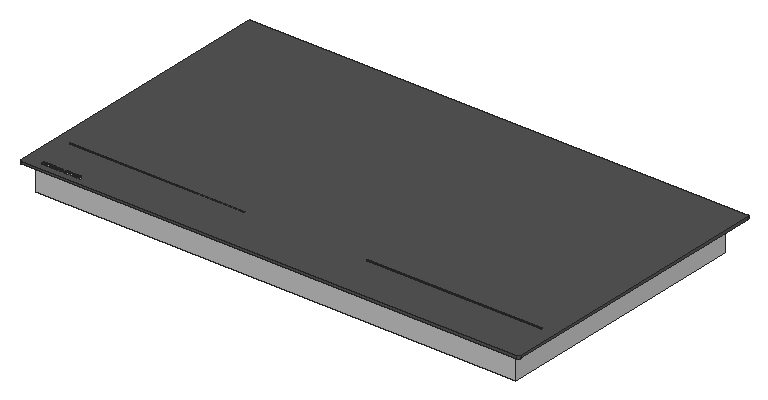
Revit family "FP_Revit_18_CI926DTB4_Cooktop_90001220A", category Specialty Equipment, Revit 2018
Family settings
  Round Connector Dimension = Use Diameter
  Part Type = Normal
  OmniClass Number = 23.40.40.14.17.11
  OmniClass Title = Cookers, Ovens, Stoves
  Work Plane-Based = No
  Always vertical = Yes
  Cut with Voids When Loaded = Yes
  Shared = No
  Room Calculation Point = No
Parameters
  Visibility - Clearance Required = yes
  URL = "www.fisherpaykel.com"
  Product - Width = 920 mm  # constant formula
  Product - Height = 85 mm  # constant formula
  Product - Depth = 530 mm  # constant formula
  Model = "CI926DTB4"
  Material - Graphics = Fisher & Paykel - Graphics Grey
  Material - Cooktop = Fisher & Paykel - Glass, Black
  Material - Body = Fisher & Paykel - Grey
  Manufacturer = "Fisher & Paykel Appliances"
  FFL Offset [instance] = 900 mm
  Description = "90cm Induction Cooktop"
  Connector Note - Electrical = "220-240 V, 48 A, or 380-415 V, 3 x 16 A, 50Hz"
  Clearance - Side Combustible = 30 mm  # constant formula
  Clearance - Rear Combustible = 45 mm  # constant formula
  Clearance - Overhead Rangehood = 650 mm  # constant formula
  Clearance - Below = 65 mm  # constant formula
  Chassis - Width = 884 mm  # constant formula
  Chassis - Height = 48 mm  # constant formula
  Chassis - Depth = 479 mm  # constant formula
  Cavity - Width = 890 mm  # constant formula
  Cavity - Height = 65 mm  # constant formula
  Cavity - Depth = 485 mm  # constant formula
Reference planes
  plane 1 "Datum": y = 0
  plane 2: z = 0
  plane 3 "Center (Left/Right)": x = 0
  plane 4 "Product LHS": x = -460
  plane 5 "Product RHS": x = 460
  plane 6 "Product - Depth": y = 530
  plane 7 "Cavity LHS": x = -445
  plane 8 "Cavity RHS": x = 445
  plane 9 "Cavity - Depth": y = 498
  plane 10 "Chassis Front": y = 16
  plane 11 "Chassis - Depth": y = 495
  plane 12 "Cavity - Front": y = 13
  plane 13 "Basepan": z = 853
  plane 14 "Benchtop": z = 900
  plane 15 "Glass": z = 905
Forms (mm)
  Extrusion 1, solid, material "Fisher & Paykel - Clearance Required (Cutout)", visible <- "Visibility - Clearance Required", detail levels coarse
    sketch origin (0, 24.768, 0) x (1, 0, 0) y (0, 1, 0)
      loop
        line (-445, 473.232) -> (-445, -11.768) -> (445, -11.768) -> (445, 473.232) -> (-445, 473.232)
    from 835 to 900
  Extrusion 2, solid, material "Fisher & Paykel - Clearance Required (Non-Combustible)", detail levels coarse
    sketch origin (0, 0, 0) x (1, 0, 0) y (0, 1, 0)
      loop
        line (-460, 0) -> (460, 0) -> (460, 530) -> (-460, 530) -> (-460, 0)
    from 905 to 1555
  Extrusion 3, solid, material "Fisher & Paykel - Grey" <- "Material - Body"
    sketch origin (0, 0, 0) x (0, 1, 0) y (0, 0, 1)
      loop
        line (495, 853) -> (495, 900) -> (16, 900) -> (16, 853) -> (495, 853)
    from -442 to 442
  Extrusion 4, solid, material "Fisher & Paykel - Graphics Grey" <- "Material - Graphics", detail levels fine
    sketch origin (0, 0, 0) x (1, 0, 0) y (0, 1, 0)
      loop
        line (-434.006, 85.225) -> (-434.006, 84.224) -> (-113.308, 84.224) -> (-113.308, 85.225) -> (-434.006, 85.225)
      loop
        line (434.006, 85.225) -> (113.308, 85.225) -> (113.308, 84.224) -> (434.006, 84.224) -> (434.006, 85.225)
    from 905 to 906
  Extrusion 5, void
    sketch origin (0, 0, 0) x (1, 0, 0) y (0, 1, 0)
      loop
        line (182, 470) -> (182, 423) -> (316.933, 423) -> (316.933, 440) -> (363, 440) -> (363, 485) -> (327, 485) -> (327, 470) -> (182, 470)
    from 853 to 873.966
  Extrusion 6, solid, material "Fisher & Paykel - Grey" <- "Material - Body", detail levels fine
    sketch origin (0, 0, 0) x (1, 0, 0) y (0, 1, 0)
      loop
        circle (194.5, 433) r 9.984
      loop
        circle (216.5, 433) r 9.995
      loop
        circle (238.5, 433) r 10.043
      loop
        circle (260.5, 433) r 9.995
      loop
        circle (282.5, 433) r 9.995
      loop
        circle (304.5, 433) r 9.995
    from 855.999 to 873.966
  Sweep 7, solid, material "Fisher & Paykel - Grey" <- "Material - Body"
    path origin (345, 0, 0) x (0, 1, 0) y (0, 0, 1)
      loop
        arc (457.5, 873.999) -> (463.176, 849.507) -> (483.242, 834.36) r 36.837
    profile origin (345, 463.176, 849.507) x (0, 0.838671, 0.544639) y (1, 0, 0)
      loop
        circle (0, 0) r 15
  Extrusion 8, solid, material "Fisher & Paykel - Glass, Black" <- "Material - Cooktop"
    sketch origin (0, 0, 0) x (1, 0, 0) y (0, 1, 0)
      loop
        arc (-455.5, 530) -> (-458.682, 528.682) -> (-460, 525.5) r 4.5
        line (-460, 525.5) -> (-460, 4.5)
        arc (-460, 4.5) -> (-458.682, 1.318) -> (-455.5, 0) r 4.5
        line (-455.5, 0) -> (455.5, 0)
        arc (455.5, 0) -> (458.682, 1.318) -> (460, 4.5) r 4.5
        line (460, 4.5) -> (460, 525.5)
        arc (460, 525.5) -> (458.682, 528.682) -> (455.5, 530) r 4.5
        line (455.5, 530) -> (-455.5, 530)
    from 901 to 905
  Extrusion 9, solid, material "Fisher & Paykel - Clearance Required (Combustible)", visible <- "Visibility - Clearance Required", detail levels coarse
    sketch origin (0, 0, 0) x (1, 0, 0) y (0, 1, 0)
      loop
        line (-460, 0) -> (-460, 530) -> (460, 530) -> (460, 0) -> (475, 0) -> (475, 543) -> (-475, 543) -> (-475, 0) -> (-460, 0)
    from 905 to 1355
  Extrusion 10, void
    sketch origin (0, 24.768, 0) x (1, 0, 0) y (0, 1, 0)
      loop
        line (-445, 473.232) -> (-445, -11.768) -> (445, -11.768) -> (445, 473.232) -> (-445, 473.232)
    from 835 to 900
Cuts and joins
  Extrusion 5 cuts Extrusion 3
Lines and regions (mm)
  model lines, style "Fisher & Paykel"
    curve 1: line (-75.915, 135.174, 905) -> (73.908, 135.174, 905)
    curve 2: line (-75.915, 46.483, 905) -> (-75.915, 135.174, 905)
    curve 3: line (73.908, 46.483, 905) -> (-75.915, 46.483, 905)
    curve 4: line (73.908, 135.174, 905) -> (73.908, 46.483, 905)
  model lines, style "Fisher & Paykel", not visible
    curve 5: line (-75.915, -64.826, 1905) -> (73.908, -64.826, 1905)
    curve 6: line (-75.915, -153.517, 1905) -> (-75.915, -64.826, 1905)
    curve 7: line (73.908, -153.517, 1905) -> (-75.915, -153.517, 1905)
    curve 8: line (73.908, -64.826, 1905) -> (73.908, -153.517, 1905)
Text (mm)
  text "Due to ongoing product development, product details are subject to change without notice. \nPlease always refer to www.fisherpaykel.com for the most current product information. \n© Fisher & Paykel 2020" at (41.04, -102.478, 0), in view "Ref. Level (Plan)"
Dimensions and locks
  equal spacing: plane 4 "Product LHS", plane 3 "Center (Left/Right)", plane 5 "Product RHS"
  "Product - Width": plane 4 "Product LHS" to plane 5 "Product RHS"
  equal spacing: plane 7 "Cavity LHS", plane 3 "Center (Left/Right)", plane 8 "Cavity RHS"
  "Cavity - Width": plane 7 "Cavity LHS" to plane 8 "Cavity RHS"
  equal spacing: Extrusion 3, plane 3 "Center (Left/Right)", Extrusion 3
  "Chassis - Width": Extrusion 3 to Extrusion 3
  locked: plane 1 "Datum" to plane 10 "Chassis Front" at 16
  plane 10 "Chassis Front" to plane 12 "Cavity - Front" = 3 mm
  "Cavity - Depth": plane 9 "Cavity - Depth" to plane 12 "Cavity - Front"
  "Chassis - Depth": plane 11 "Chassis - Depth" to plane 10 "Chassis Front"
  locked: plane 15 "Glass" to plane 14 "Benchtop" at 5
  "FFL Offset": plane 14 "Benchtop" to level
  locked: nested 1 to plane 15 "Glass" at 0.8
  locked: Extrusion 4 to plane 15 "Glass" at 1
  "Clearance - Overhead Rangehood": Extrusion 2 to plane 15 "Glass"
  plane 9 "Cavity - Depth" to plane 11 "Chassis - Depth" = 3 mm
  plane 14 "Benchtop" to plane 13 "Basepan" = 47 mm
  "Clearance - Below": Extrusion 1 to plane 14 "Benchtop"
  locked: plane 15 "Glass" to Extrusion 8 at 4
  locked: plane 13 "Basepan" to Extrusion 6 at 2.999
  locked: cut or joined group of Extrusion 3, Extrusion 5 to plane 13 "Basepan" at 20.966
  equal spacing: Extrusion 9 sketch curve, plane 3 "Center (Left/Right)", Extrusion 9 sketch curve  (x2)
  locked: Extrusion 9 to plane 15 "Glass" at 450
  "Clearance - Rear Combustible": plane 9 "Cavity - Depth" to Extrusion 9
  "Clearance - Side Combustible": Extrusion 9 to plane 7 "Cavity LHS"
  "Clearance - Side Combustible": plane 8 "Cavity RHS" to Extrusion 9
  "Product - Depth": plane 6 "Product - Depth" to plane 1 "Datum"
  "Product - Height": Sweep 7 to Extrusion 9
  locked: curve 4 to plane 14 "Benchtop" at 5
  aligned and locked: level to plane 2
  aligned and locked: Extrusion 1 to plane 9 "Cavity - Depth"
  aligned and locked: plane 11 "Chassis - Depth" to Extrusion 3
  aligned and locked: Extrusion 3 to plane 13 "Basepan"
  aligned and locked: Extrusion 3 to Extrusion 5
  aligned and locked: cut or joined group of Extrusion 3, Extrusion 5 to Extrusion 6
  aligned and locked: plane 6 "Product - Depth" to Extrusion 8
  aligned and locked: plane 15 "Glass" to Extrusion 8
  aligned and locked: plane 4 "Product LHS" to Extrusion 8
  aligned and locked: plane 6 "Product - Depth" to Extrusion 2
  aligned and locked: Extrusion 9 sketch curve to plane 4 "Product LHS"
  aligned and locked: Extrusion 9 to plane 15 "Glass"
  aligned and locked: Extrusion 2 to plane 15 "Glass"
  aligned and locked: plane 14 "Benchtop" to Extrusion 1
  aligned and locked: Extrusion 2 to Extrusion 4
  aligned and locked: Extrusion 10 to Extrusion 1  (x2)
Automatic sketch dimensions
  Extrusion 1 sketch curve to plane 12 "Cavity - Front" = 0 mm
  plane 9 "Cavity - Depth" to Extrusion 1 sketch curve = 0 mm
  plane 7 "Cavity LHS" to Extrusion 1 sketch curve = 0 mm
  Extrusion 1 sketch curve to plane 8 "Cavity RHS" = 0 mm
  Extrusion 2 sketch curve to plane 4 "Product LHS" = 0 mm
  Extrusion 2 sketch curve to plane 5 "Product RHS" = 0 mm
  plane 1 "Datum" to Extrusion 2 sketch curve = 0 mm
  Extrusion 2 sketch curve to plane 6 "Product - Depth" = 0 mm
  Extrusion 3 sketch curve to plane 10 "Chassis Front" = 0 mm
  Extrusion 3 sketch curve to plane 11 "Chassis - Depth" = 0 mm
  Extrusion 3 sketch curve to plane 13 "Basepan" = 0 mm
  Extrusion 3 sketch curve to plane 14 "Benchtop" = 0 mm
  Extrusion 4 sketch curve to plane 7 "Cavity LHS" = 10.994 mm
  Extrusion 4 sketch curve to plane 3 "Center (Left/Right)" = 113.308 mm
  plane 3 "Center (Left/Right)" to Extrusion 4 sketch curve = 113.308 mm
  plane 8 "Cavity RHS" to Extrusion 4 sketch curve = 10.994 mm
  plane 10 "Chassis Front" to Extrusion 4 sketch curve = 68.224 mm  (x2)
  Extrusion 4 sketch curve to Extrusion 4 sketch curve = 1.001 mm  (x2)
  Extrusion 5 sketch curve to plane 11 "Chassis - Depth" = 72 mm
  plane 3 "Center (Left/Right)" to Extrusion 5 sketch curve = 182 mm
  Extrusion 5 sketch curve to plane 11 "Chassis - Depth" = 55 mm
  plane 8 "Cavity RHS" to Extrusion 5 sketch curve = 128.067 mm
  Extrusion 5 sketch curve to plane 11 "Chassis - Depth" = 10 mm
  Extrusion 5 sketch curve to Extrusion 5 sketch curve = 10.067 mm
  Extrusion 5 sketch curve to Extrusion 5 sketch curve = 46.067 mm
  Extrusion 5 sketch curve to plane 11 "Chassis - Depth" = 25 mm
  Extrusion 6 sketch curve to plane 11 "Chassis - Depth" = 62 mm  (x2)
  plane 3 "Center (Left/Right)" to Extrusion 6 sketch curve = 194.5 mm
  Extrusion 6 sketch curve to Extrusion 6 sketch curve = 22 mm  (x5)
  Extrusion 6 sketch curve to Extrusion 6 sketch curve = 0 mm  (x4)
  Sweep 7 sketch curve to plane 11 "Chassis - Depth" = 0.931 mm
  plane 13 "Basepan" to Sweep 7 sketch curve = 16.57 mm
  Sweep 7 sketch curve to plane 11 "Chassis - Depth" = 11.758 mm
  Sweep 7 sketch curve to Sweep 7 sketch curve = 36.569 mm
  Sweep 7 sketch curve to Sweep 7 sketch curve = 35.209 mm
  Sweep 7 sketch curve to profile plane = 0 mm  (x2)
  Extrusion 8 sketch curve to plane 4 "Product LHS" = 0 mm
  plane 1 "Datum" to Extrusion 8 sketch curve = 0 mm
  Extrusion 8 sketch curve to plane 6 "Product - Depth" = 0 mm
  Extrusion 8 sketch curve to plane 5 "Product RHS" = 0 mm
  Extrusion 8 sketch curve to plane 4 "Product LHS" = 4.5 mm  (x2)
  plane 5 "Product RHS" to Extrusion 8 sketch curve = 4.5 mm
  Extrusion 8 sketch curve to Extrusion 8 sketch curve = 4.5 mm
  plane 1 "Datum" to Extrusion 9 sketch curve = 0 mm  (x2)
  Extrusion 9 sketch curve to plane 6 "Product - Depth" = 0 mm
  plane 4 "Product LHS" to Extrusion 9 sketch curve = 15 mm
  plane 6 "Product - Depth" to Extrusion 9 sketch curve = 13 mm
  Extrusion 10 sketch curve to plane 12 "Cavity - Front" = 0 mm
  plane 9 "Cavity - Depth" to Extrusion 10 sketch curve = 0 mm
  plane 7 "Cavity LHS" to Extrusion 10 sketch curve = 0 mm
  Extrusion 10 sketch curve to plane 8 "Cavity RHS" = 0 mm
  radius of Extrusion 6 sketch curve = 9.984 mm
  radius of Extrusion 6 sketch curve = 9.995 mm  (x4)
  radius of Extrusion 6 sketch curve = 10.043 mm
  radius of Sweep 7 sketch curve = 15 mm
Nested families
  nested 1: "F&P Logo 70mm Horizontal" at (-394.001, 14.253, 905), type "F&P Logo 70mm Horizontal"
Connectors
  electrical at (345, 483.242, 834.36), driven by "Connector Note - Electrical"
    settings: on Sweep 7, index 2, voltage 230 V, apparent load 0 VA, apparent load phase1 0 VA, apparent load phase2 0 VA, apparent load phase3 0 VA, power factor 1, load classification "Other", number of poles 1, system type 30, power factor state 1, is connector primary yes, connector utility no, sub classification motor no, connector description "220-240 V, 48 A, or 380-415 V, 3 x 16 A, 50Hz"
Definition of nested family "F&P Logo 70mm Horizontal"
  Parameters (values of type "F&P Logo 70mm Horizontal")
    URL = "www.fisherpaykel.com"
    Material - Logo = none
    Manufacturer = "Fisher & Paykel Appliances"
  Reference planes
    plane 1 "Center (Front/Back)": y = 0
    plane 2: z = 0
    plane 3 "Center (Left/Right)": x = 0
  Forms (mm)
    Extrusion 1, solid, material <- "Material - Logo", detail levels fine
      sketch origin (0, 0, 0) x (1, 0, 0) y (0, 1, 0)
        loop
          line (-34.997, 0) -> (-33.895, 0) -> (-33.895, 1.496) -> (-32.174, 1.496) -> (-32.174, 2.431) -> (-33.895, 2.431) -> (-33.895, 3.298) -> (-32.023, 3.298) -> (-32.023, 4.228) -> (-34.997, 4.228) -> (-34.997, 0)
        loop
          line (-29.929, 4.228) -> (-29.929, 0) -> (-28.828, 0) -> (-28.828, 4.228) -> (-29.929, 4.228)
        loop
          line (-21.473, 4.228) -> (-21.473, 0) -> (-20.372, 0) -> (-20.372, 1.694) -> (-18.754, 1.694) -> (-18.754, 0) -> (-17.652, 0) -> (-17.652, 4.228) -> (-18.754, 4.228) -> (-18.754, 2.624) -> (-20.372, 2.624) -> (-20.372, 4.228) -> (-21.473, 4.228)
        loop
          line (-15.301, 4.228) -> (-15.301, 0) -> (-12.288, 0) -> (-12.288, 0.8) -> (-14.209, 0.8) -> (-14.209, 1.694) -> (-12.453, 1.694) -> (-12.453, 2.624) -> (-14.209, 2.624) -> (-14.209, 3.428) -> (-12.288, 3.428) -> (-12.288, 4.228) -> (-15.301, 4.228)
        loop
          line (32, 4.228) -> (32, 0) -> (35.003, 0) -> (35.003, 0.93) -> (33.102, 0.93) -> (33.102, 4.228) -> (32, 4.228)
        loop
          line (29.735, 4.228) -> (26.712, 4.228) -> (26.712, 0) -> (29.735, 0) -> (29.735, 0.8) -> (27.814, 0.8) -> (27.814, 1.694) -> (29.57, 1.694) -> (29.57, 2.624) -> (27.814, 2.624) -> (27.814, 3.428) -> (29.735, 3.428) -> (29.735, 4.228)
        loop
          line (23.449, 2.203) -> (25.012, 4.228) -> (23.724, 4.228) -> (22.374, 2.479) -> (22.374, 4.228) -> (21.273, 4.228) -> (21.273, 0) -> (22.374, 0) -> (22.374, 1.894) -> (23.765, 0) -> (25.067, 0) -> (23.449, 2.203)
        loop
          line (15.42, 4.228) -> (17.017, 1.694) -> (17.017, 0) -> (18.119, 0) -> (18.119, 1.639) -> (19.717, 4.228) -> (18.546, 4.228) -> (17.603, 2.595) -> (16.66, 4.228) -> (15.42, 4.228)
        loop
          line (12.969, 4.228) -> (11.922, 4.228) -> (10.2, 0) -> (11.282, 0) -> (11.585, 0.778) -> (13.278, 0.778) -> (13.581, 0) -> (14.69, 0) -> (12.969, 4.228)
        loop
          line (12.913, 1.708) -> (12.419, 2.922) -> (11.946, 1.708) -> (12.913, 1.708)
        loop
          line (5.656, 4.228) -> (5.656, 0) -> (6.757, 0) -> (6.757, 1.357) -> (7.557, 1.357)
          arc (7.557, 1.357) -> (8.993, 2.792) -> (7.557, 4.228) r 1.436
          line (7.557, 4.228) -> (5.656, 4.228)
        loop
          line (6.757, 2.238) -> (7.557, 2.238)
          arc (7.557, 2.238) -> (8.088, 2.768) -> (7.557, 3.298) r 0.53
          line (7.557, 3.298) -> (6.757, 3.298) -> (6.757, 2.238)
        loop
          line (-8.214, 4.228) -> (-10.023, 4.228) -> (-10.023, 0) -> (-9.058, 0) -> (-9.058, 0.8) -> (-8.258, 0.8) -> (-7.647, 0) -> (-6.373, 0) -> (-7.452, 1.381)
          arc (-7.452, 1.381) -> (-6.741, 3.097) -> (-8.214, 4.228) r 1.525
        loop
          line (-8.921, 3.298) -> (-8.921, 2.137) -> (-8.121, 2.137)
          arc (-8.121, 2.137) -> (-7.54, 2.718) -> (-8.121, 3.298) r 0.581
          line (-8.121, 3.298) -> (-8.921, 3.298)
        loop
          line (0.368, 3.298) -> (0.368, 4.307) -> (-2.553, 4.307) -> (-2.553, 3.499) -> (-2.048, 2.878)
          arc (-2.048, 2.878) -> (-2.424, 0.478) -> (0.002, 0.358) r 1.633
          line (0.002, 0.358) -> (0.495, -0.272) -> (1.765, -0.272) -> (0.636, 1.116) -> (1.613, 2.524) -> (0.481, 2.524) -> (0.025, 1.867) -> (-1.14, 3.298) -> (0.368, 3.298)
        loop
          arc (-1.454, 2.148) -> (-1.555, 1.167) -> (-0.574, 1.067) r 0.697
          line (-0.574, 1.067) -> (-1.454, 2.148)
        loop
          line (-24.593, 2.544) -> (-25.527, 2.737)
          arc (-25.527, 2.737) -> (-25.9, 3.11) -> (-25.527, 3.483) r 0.373
          arc (-25.527, 3.483) -> (-24.631, 3.353) -> (-23.808, 2.973) r 3.153
          line (-23.808, 2.973) -> (-23.808, 4.02)
          arc (-23.808, 4.02) -> (-24.851, 4.326) -> (-25.937, 4.276) r 3.308
          arc (-25.937, 4.276) -> (-26.941, 3.034) -> (-25.937, 1.792) r 1.27
          line (-25.937, 1.792) -> (-24.994, 1.597)
          arc (-24.994, 1.597) -> (-24.621, 1.224) -> (-24.994, 0.851) r 0.373
          arc (-24.994, 0.851) -> (-25.891, 0.981) -> (-26.714, 1.361) r 3.153
          line (-26.714, 1.361) -> (-26.714, 0.314)
          arc (-26.714, 0.314) -> (-25.671, 0.009) -> (-24.585, 0.058) r 3.308
          arc (-24.585, 0.058) -> (-23.58, 1.304) -> (-24.593, 2.544) r 1.27
      from 0 to 0.8
  Dimensions and locks
    Extrusion 1 sketch curve to Extrusion 1 sketch curve = 70 mm
    aligned and locked: level to plane 2
